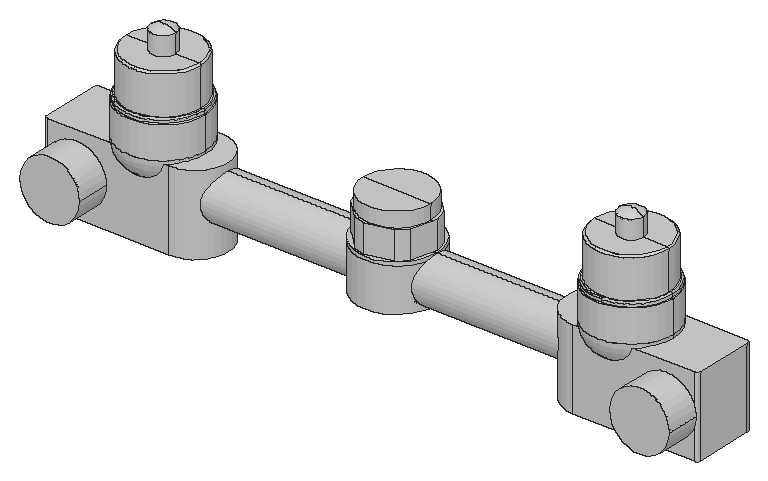
Revit family "Faucet-Valves_and_Controls-KOHLER-K-28139T_1", category Plumbing Fixtures, host Face, Revit 2017
Family settings
  Host = Face
  Round Connector Dimension = Use Diameter
  Part Type = Normal
  OmniClass Number = 23.27.31.00
  OmniClass Title = Valves
  Cut with Voids When Loaded = No
  Shared = No
  Room Calculation Point = No
Parameters (values of type "NA-Stainless Steel Wire Drawing")
  Width = 11"  # constant formula
  WaterSense Certified = 1 = 0  # no
  Waste Water Outlet = "Waste Water Outlet"  # constant formula
  Waste Connection = 1 = 0  # no
  Vent Connection = 1 = 0  # no
  URL = "http://www.kohler.com.cn/en/"
  Product Page URL = "http://www.kohler.com.cn/product/K-28139T-NA/K-28139T-NA/"
  Product Name = ""
  Product Documentation Link = "http://files.kohler.com.cn/pdfs/1535615820633_1299768-2_A1(28139T%2024896T).pdf"
  Pressure = 116.03 psi  # constant formula
  Model = "K-28139T-NA"  # constant formula
  Material = "Premium Metal Construction"  # constant formula
  MasterFormat 2004 = "22.41.39"  # constant formula
  MasterFormat 1995 = "154300"  # constant formula
  Manufacturer Address = "158 Jiangchang 3rd Road Zhabei District Shanghai, 200436 China"  # constant formula
  Manufacturer = "KOHLER Co."  # constant formula
  Length = 3 1/16"  # constant formula
  Hot Water Inlet = "Hot Water Inlet"  # constant formula
  Height = 2 1/16"  # constant formula
  HW Connection = 1 = 1  # yes
  Flow Rate = 0 GPM
  Finish = Kohler-Metal-NA-Stainless_Steel_Wire_Drawing
  Environmental Product Declaration = ""
  Drain Included = 1 = 0  # no
  Description = "Double-handle wall lavatory faucet spool stem handle spool"  # constant formula
  Default Elevation = 36"
  Declare Label = ""
  Date Modified = "05/26/2020"  # constant formula
  Date Created = "05/26/2020"  # constant formula
  Copyright = "Copyright KOHLER Co."  # constant formula
  Contact Us = "http://www.kohler.com.cn/en/contact/contact-us/"
  Cold Water Inlet = "Cold Water Inlet"  # constant formula
  CW Connection = 1 = 1  # yes
  Assembly Code = "D2020"
  ADA Compliant = 1 = 0  # no
Reference planes (in)
  plane 1 "Center (Front/Back)": y = 0
  plane 2: z = 0
  plane 3 "Center (Left/Right)": x = 0
  plane 4: y = 0.98425
  plane 5: y = -1.07825
  plane 6: z = 0.37276
  plane 7: z = -2.68974
  plane 8: x = -5.5
  plane 9: x = 5.5
  plane 10: x = 3.93701
  plane 11: x = -3.93701
  plane 12: z = -0.01258
  plane 13: z = -2.01594
  plane 14: y = -1.07825
  plane 15: x = -4.96063
  plane 16: x = 4.96063
Forms (in)
  Extrusion 1, void
    sketch origin (0, 0, 0) x (1, 0, 0) y (0, 1, 0)
      loop
        circle (3.93701, 0) r 0.75
      loop
        circle (-3.93701, 0) r 0.75
    from -1.35116 to -0.01258
  Extrusion 2, void
    sketch origin (0, 0, 0) x (1, 0, 0) y (0, 0, 1)
      loop
        line (5.5, -1.09549) -> (-5.5, -1.09549) -> (-5.5, -2.68974) -> (5.5, -2.68974) -> (5.5, -1.09549)
    from -0.95798 to 1.2582
  Extrusion 3, void
    sketch origin (0, 0, 0) x (1, 0, 0) y (0, 1, 0)
      loop
        circle (0, 0) r 0.57105
    from -1.35116 to -0.76061
Dimensions and locks (in)
  "Width": plane 8 to plane 9
  plane 11 to plane 10 = 7.87402"
  "Length": plane 6 to plane 7
  "Height": plane 4 to plane 14
  aligned and locked: plane 2 to host face
  aligned and locked: level to host face
Automatic sketch dimensions
  host sketch curve to host sketch curve = 96"  (x2)
  plane 8 to Extrusion 2 sketch curve = 0"
  Extrusion 2 sketch curve to plane 7 = 0"
  Extrusion 2 sketch curve to plane 9 = 0"
  plane 13 to Extrusion 2 sketch curve = 0.92044"
Nested families (in)
  nested 1: "K-28139T" at (0, 0, 0), type "K-28139T"
Connectors (in)
  piping at (-4.96063, -1.10236, -2.01594), diameter 0.5, driven by "HW Connection", driven by "Hot Water Inlet", driven by "Pressure", driven by "Flow Rate"
    settings: on nested 1, index 1, connector inside diameter 24", connector length 0", flow factor 0, pipe flow 0 GPM, pressure drop 116.03 psi, fitting loss kfactor 0, connector angle 0.00°, fixture units 0, engagement length 0", angle of deflection 0.00°, flow configuration 0, flow direction 1, fitting loss method 4, system type 19, joint type 0, gender type 0, connector reference index -1, connector utility 1, adjustable connector no, is connector primary yes, connector description "Hot Water Inlet"
  piping at (4.96063, -1.10236, -2.01594), diameter 0.5, driven by "CW Connection", driven by "Cold Water Inlet", driven by "Pressure"
    settings: on nested 1, index 2, connector inside diameter 24", connector length 0", flow factor 0, pipe flow 0 GPM, pressure drop 116.03 psi, fitting loss kfactor 0, connector angle 0.00°, fixture units 0, engagement length 0", angle of deflection 0.00°, flow configuration 0, flow direction 1, fitting loss method 4, system type 20, joint type 0, gender type 0, connector reference index -1, connector utility 1, adjustable connector no, is connector primary no, connector description "Cold Water Inlet"
Definition of nested family "K-28139T"
  Parameters (values of type "K-28139T")
    Material = none
  Reference planes (in)
    plane 1 "Center (Front/Back)": y = 0
    plane 2: z = 0
    plane 3 "Center (Left/Right)": x = 0
    plane 4: x = -5.5
    plane 5: x = 5.5
    plane 6: x = -3.93701
    plane 7: x = 3.93701
    plane 8: z = -2.68974
    plane 9: z = 0.37276
    plane 10: z = -0.01258
    plane 11: z = -0.01258
    plane 12: z = 0.23742
    plane 13: x = -4.96063
    plane 14: x = 4.96063
  Forms (in)
    Extrusion 1, solid, material <- "Material", detail levels medium+fine
      sketch origin (0, 0, 0) x (1, 0, 0) y (0, 1, 0)
        loop
          line (-5.5, 0.48286) -> (-5.5, -0.4936)
          arc (-5.5, -0.4936) -> (-5.48314, -0.53432) -> (-5.44242, -0.55118) r 0.05758
          line (-5.44242, -0.55118) -> (-3.39892, -0.55118)
          arc (-3.39892, -0.55118) -> (-2.84774, 0) -> (-3.39892, 0.55118) r 0.55118
          line (-3.39892, 0.55118) -> (-5.43168, 0.55118)
          arc (-5.43168, 0.55118) -> (-5.47999, 0.53117) -> (-5.5, 0.48286) r 0.06832
        loop
          arc (5.5, 0.48286) -> (5.47999, 0.53117) -> (5.43168, 0.55118) r 0.06832
          line (5.43168, 0.55118) -> (3.39892, 0.55118)
          arc (3.39892, 0.55118) -> (2.84774, 0) -> (3.39892, -0.55118) r 0.55118
          line (3.39892, -0.55118) -> (5.44242, -0.55118)
          arc (5.44242, -0.55118) -> (5.48314, -0.53432) -> (5.5, -0.4936) r 0.05758
          line (5.5, -0.4936) -> (5.5, 0.48286)
      from -2.68974 to -1.35116
    Revolve 2, solid, material <- "Material", detail levels medium+fine
      sketch origin (0, 0, 0) x (1, 0, 0) y (0, 0, 1)
        loop
          arc (-3.93701, 0.37276) -> (-4.04692, 0.35211) -> (-4.14184, 0.29297) r 0.30282
          line (-4.14184, 0.29297) -> (-4.14184, -0.01258) -> (-4.54331, -0.01258) -> (-4.57247, -0.04174) -> (-4.57247, -0.68187) -> (-4.60717, -0.68187)
          arc (-4.60717, -0.68187) -> (-4.62182, -0.68794) -> (-4.62789, -0.70259) r 0.02072
          line (-4.62789, -0.70259) -> (-4.62789, -0.74787) -> (-4.59288, -0.76061) -> (-4.64567, -0.76061) -> (-4.64567, -1.3035)
          arc (-4.64567, -1.3035) -> (-4.60761, -1.49484) -> (-4.49922, -1.65706) r 0.5
          line (-4.49922, -1.65706) -> (-4.31833, -1.83795) -> (-3.93701, -1.83795) -> (-3.93701, 0.37276)
        axis (-3.93701, 0.37276) -> (-3.93701, -1.83795)
      angle from 0 to 360
    Revolve 3, solid, material <- "Material", detail levels medium+fine
      sketch origin (0, 0, 0) x (1, 0, 0) y (0, 0, 1)
        loop
          line (3.38583, -1.86297) -> (3.38583, -1.46818) -> (-3.38583, -1.46818) -> (-3.38583, -1.86297) -> (3.38583, -1.86297)
        axis (-3.38583, -1.86297) -> (3.38583, -1.86297)
      angle from 0 to 360
    Extrusion 4, solid, material <- "Material", detail levels medium+fine
      sketch origin (0, 0, 0) x (1, 0, 0) y (0, 0, 1)
        loop
          circle (4.96063, -2.01594) r 0.5
        loop
          circle (-4.96063, -2.01594) r 0.5
      from 0 to 1.10236
    Extrusion 5, solid, material <- "Material", detail levels medium+fine
      sketch origin (0, 0, 0) x (1, 0, 0) y (0, 1, 0)
        loop
          line (-3.82061, 0.98425) -> (-4.04033, 0.98425)
          arc (-4.04033, 0.98425) -> (-4.10647, 0.95686) -> (-4.13386, 0.89073) r 0.09352
          line (-4.13386, 0.89073) -> (-4.13386, 0.40196) -> (-3.74016, 0.40196) -> (-3.74016, 0.9038)
          arc (-3.74016, 0.9038) -> (-3.76372, 0.96069) -> (-3.82061, 0.98425) r 0.08045
      from -2.68974 to -2.45352
    Extrusion 6, solid, material <- "Material", detail levels medium+fine
      sketch origin (0, 0, 0) x (-1, 0, 0) y (0, -1, 0)
        loop
          arc (-3.82061, -0.98425) -> (-3.76372, -0.96069) -> (-3.74016, -0.9038) r 0.08045
          line (-3.74016, -0.9038) -> (-3.74016, -0.40196) -> (-4.13386, -0.40196) -> (-4.13386, -0.89073)
          arc (-4.13386, -0.89073) -> (-4.10647, -0.95686) -> (-4.04033, -0.98425) r 0.09352
          line (-4.04033, -0.98425) -> (-3.82061, -0.98425)
      from -2.68974 to -2.45352
    Revolve 7, solid, material <- "Material", detail levels medium+fine
      sketch origin (0, 0, 0) x (1, 0, 0) y (0, 0, 1)
        loop
          line (0, -0.76061) -> (-0.57105, -0.76061) -> (-0.57105, -1.00566) -> (-0.6717, -1.00566) -> (-0.6717, -1.52342) -> (-0.6717, -2.25667) -> (0, -2.25667) -> (0, -0.76061)
        axis (0, -0.76061) -> (0, -2.25667)
      angle from 0 to 360
    Extrusion 8, void
      sketch origin (0, 0, 0) x (1, 0, 0) y (0, 1, 0)
        loop
          arc (-0.36458, 0.51369) -> (-0.44569, 0.44569) -> (-0.51369, 0.36458) r 0.60478
          line (-0.51369, 0.36458) -> (-0.62716, -0.05889)
          arc (-0.62716, -0.05889) -> (-0.60807, -0.16293) -> (-0.57258, -0.26258) r 0.65927
          line (-0.57258, -0.26258) -> (-0.26258, -0.57258)
          arc (-0.26258, -0.57258) -> (-0.16294, -0.60812) -> (-0.05889, -0.62716) r 0.65565
          line (-0.05889, -0.62716) -> (0.36458, -0.51369)
          arc (0.36458, -0.51369) -> (0.44555, -0.44555) -> (0.51369, -0.36458) r 0.61729
          line (0.51369, -0.36458) -> (0.62716, 0.05889)
          arc (0.62716, 0.05889) -> (0.60911, 0.16321) -> (0.57258, 0.26258) r 0.58615
          line (0.57258, 0.26258) -> (0.26258, 0.57258)
          arc (0.26258, 0.57258) -> (0.16331, 0.60948) -> (0.05889, 0.62716) r 0.56389
          line (0.05889, 0.62716) -> (-0.36458, 0.51369)
        loop
          circle (0, 0) r 1.06625
      from -0.9688 to -1.46927
    Revolve 9, solid, material <- "Material", detail levels medium+fine
      sketch origin (0, 0, 0) x (-1, 0, 0) y (0, 0, -1)
        loop
          line (-3.93701, -0.37276) -> (-3.93701, 1.83795) -> (-4.31833, 1.83795) -> (-4.49922, 1.65706)
          arc (-4.49922, 1.65706) -> (-4.60761, 1.49484) -> (-4.64567, 1.3035) r 0.5
          line (-4.64567, 1.3035) -> (-4.64567, 0.76061) -> (-4.59288, 0.76061) -> (-4.62789, 0.74787) -> (-4.62789, 0.70259)
          arc (-4.62789, 0.70259) -> (-4.62182, 0.68794) -> (-4.60717, 0.68187) r 0.02072
          line (-4.60717, 0.68187) -> (-4.57247, 0.68187) -> (-4.57247, 0.04174) -> (-4.54331, 0.01258) -> (-4.14184, 0.01258) -> (-4.14184, -0.29297)
          arc (-4.14184, -0.29297) -> (-4.04692, -0.35211) -> (-3.93701, -0.37276) r 0.30282
        axis (-3.93701, -0.37276) -> (-3.93701, 1.83795)
      angle from 0 to 360
    Extrusion 10, solid, material <- "Material", detail levels coarse
      sketch origin (0, 0, 0) x (1, 0, 0) y (0, 1, 0)
        loop
          line (-5.5, 0.55118) -> (-5.5, -0.55118) -> (-2.86918, -0.55118) -> (-2.86918, 0.55118) -> (-5.5, 0.55118)
        loop
          line (5.5, 0.55118) -> (2.86918, 0.55118) -> (2.86918, -0.55118) -> (5.5, -0.55118) -> (5.5, 0.55118)
      from -2.68974 to -1.24327
    Revolve 11, solid, material <- "Material", detail levels coarse
      sketch origin (0, 0, 0) x (1, 0, 0) y (0, 0, 1)
        loop
          line (-3.03804, -1.85829) -> (3.24613, -1.85829) -> (3.24613, -1.35116) -> (-3.03804, -1.35116) -> (-3.03804, -1.85829)
        axis (-3.03804, -1.85829) -> (3.24613, -1.85829)
      angle from 0 to 360
    Revolve 12, solid, material <- "Material", detail levels coarse
      sketch origin (0, 0, 0) x (1, 0, 0) y (0, 0, 1)
        loop
          line (-3.93701, 0.37276) -> (-4.14184, 0.37276) -> (-4.14184, -0.01258) -> (-4.68701, -0.01258) -> (-4.68701, -1.24327) -> (-3.93701, -1.24327) -> (-3.93701, 0.37276)
        axis (-3.93701, -1.24327) -> (-3.93701, 0.37276)
      angle from 0 to 360
    Revolve 13, solid, material <- "Material", detail levels coarse
      sketch origin (0, 0, 0) x (-1, 0, 0) y (0, 0, 1)
        loop
          line (-3.93701, 0.37276) -> (-4.14184, 0.37276) -> (-4.14184, -0.01258) -> (-4.68701, -0.01258) -> (-4.68701, -1.24327) -> (-3.93701, -1.24327) -> (-3.93701, 0.37276)
        axis (-3.93701, -1.24327) -> (-3.93701, 0.37276)
      angle from 0 to 360
    Extrusion 14, solid, material <- "Material", detail levels coarse
      sketch origin (0, 0, 0) x (1, 0, 0) y (0, 1, 0)
        loop
          circle (0, 0) r 0.57105
      from -2.32529 to -0.76061
    Extrusion 15, solid, material <- "Material", detail levels coarse
      sketch origin (0, 0, 0) x (1, 0, 0) y (0, 0, 1)
        loop
          circle (-4.96063, -2.01594) r 0.5
        loop
          circle (4.96063, -2.01594) r 0.5
      from 0 to 1.10236
  Cuts and joins
    Extrusion 8 cuts Revolve 7
    joined: Extrusion 1, Revolve 2, Revolve 3, Extrusion 4, Extrusion 5, Revolve 9
  Lines and regions (in)
    Masking region 1, detail levels medium+fine
      outline origin (0, 0, 0) x (1, 0, 0) y (0, 0, 1)
        loop
          line (-4.54331, -0.01258) -> (-4.57247, -0.04174) -> (-4.57247, -0.68215) -> (-4.60752, -0.68215)
          arc (-4.60752, -0.68215) -> (-4.62192, -0.68812) -> (-4.62789, -0.70252) r 0.02037
          line (-4.62789, -0.70252) -> (-4.62789, -0.74787) -> (-4.59288, -0.76061) -> (-4.64567, -0.76061) -> (-4.64567, -1.35116) -> (-5.5, -1.35116) -> (-5.5, -2.68974) -> (-2.84774, -2.68974) -> (-2.84774, -2.25776) -> (2.84774, -2.25776) -> (2.84774, -2.68974) -> (5.5, -2.68974) -> (5.5, -1.35116) -> (4.64567, -1.35116) -> (4.64567, -0.76061) -> (4.59288, -0.76061) -> (4.62789, -0.74787) -> (4.62789, -0.70252)
          arc (4.62789, -0.70252) -> (4.62192, -0.68812) -> (4.60752, -0.68215) r 0.02037
          line (4.60752, -0.68215) -> (4.57247, -0.68215) -> (4.57247, -0.04174) -> (4.54331, -0.01258) -> (4.14184, -0.01258) -> (4.14184, 0.29297)
          arc (4.14184, 0.29297) -> (3.93701, 0.37276) -> (3.73217, 0.29297) r 0.30282
          line (3.73217, 0.29297) -> (3.73217, -0.01258) -> (3.33071, -0.01258) -> (3.30155, -0.04174) -> (3.30155, -0.68215) -> (3.2665, -0.68215)
          arc (3.2665, -0.68215) -> (3.25209, -0.68812) -> (3.24613, -0.70252) r 0.02037
          line (3.24613, -0.70252) -> (3.24613, -0.74787) -> (3.28113, -0.76061) -> (3.22835, -0.76061) -> (3.22835, -1.35116) -> (2.84774, -1.35116) -> (2.84774, -1.46818) -> (0.62716, -1.46818) -> (0.62716, -1.00566) -> (0.57105, -1.00566) -> (0.57105, -0.76061) -> (-0.57105, -0.76061) -> (-0.57105, -1.00566) -> (-0.62716, -1.00566) -> (-0.62716, -1.46818) -> (-2.84774, -1.46818) -> (-2.84774, -1.35116) -> (-3.22835, -1.35116) -> (-3.22835, -0.76061) -> (-3.28113, -0.76061) -> (-3.24613, -0.74787) -> (-3.24613, -0.70252)
          arc (-3.24613, -0.70252) -> (-3.25209, -0.68812) -> (-3.2665, -0.68215) r 0.02037
          line (-3.2665, -0.68215) -> (-3.30155, -0.68215) -> (-3.30155, -0.04174) -> (-3.33071, -0.01258) -> (-3.73217, -0.01258) -> (-3.73217, 0.29297)
          arc (-3.73217, 0.29297) -> (-3.93701, 0.37276) -> (-4.14184, 0.29297) r 0.30282
          line (-4.14184, 0.29297) -> (-4.14184, -0.01258) -> (-4.54331, -0.01258)
    Masking region 2
      outline origin (0, 0, 0) x (0, 1, 0) y (0, 0, 1)
        loop
          line (0.20484, -0.01258) -> (0.20484, 0.29297)
          arc (0.20484, 0.29297) -> (0, 0.37276) -> (-0.20484, 0.29297) r 0.30282
          line (-0.20484, 0.29297) -> (-0.20484, -0.01258) -> (-0.6063, -0.01258) -> (-0.63546, -0.04174) -> (-0.63546, -0.68187) -> (-0.66889, -0.68187)
          arc (-0.66889, -0.68187) -> (-0.68444, -0.68831) -> (-0.69088, -0.70386) r 0.02199
          line (-0.69088, -0.70386) -> (-0.69088, -0.74787) -> (-0.65588, -0.76061) -> (-0.70866, -0.76061) -> (-0.70866, -1.35847)
          arc (-0.70866, -1.35847) -> (-0.70253, -1.41518) -> (-0.6844, -1.46927) r 0.26514
          line (-0.6844, -1.46927) -> (-1.10236, -1.46927) -> (-1.10236, -2.5626) -> (-0.55118, -2.5626) -> (-0.55118, -2.68974) -> (0.98425, -2.68974) -> (0.98425, -2.45352) -> (0.55118, -2.45352) -> (0.55118, -2.25667) -> (0.6717, -2.25667) -> (0.6717, -1.4935)
          arc (0.6717, -1.4935) -> (0.69925, -1.42847) -> (0.70866, -1.35847) r 0.26514
          line (0.70866, -1.35847) -> (0.70866, -0.76061) -> (0.65588, -0.76061) -> (0.69088, -0.74787) -> (0.69088, -0.70386)
          arc (0.69088, -0.70386) -> (0.68444, -0.68831) -> (0.66889, -0.68187) r 0.02199
          line (0.66889, -0.68187) -> (0.63546, -0.68187) -> (0.63546, -0.04174) -> (0.6063, -0.01258) -> (0.20484, -0.01258)
    Masking region 3
      outline origin (0, 0, 0) x (1, 0, 0) y (0, 1, 0)
        loop
          circle (-3.93701, 0) r 0.20066
        loop
          circle (3.93701, 0) r 0.20066
    symbolic lines, detail levels medium+fine
      curve 1: line (-4.14184, 0, -0.01258) -> (-3.73217, 0, -0.01258)
      curve 2: line (-3.30155, 0, -0.04174) -> (-4.57247, 0, -0.04174)
      curve 3: line (-4.57247, 0, -0.68215) -> (-3.30155, 0, -0.68215)
      curve 4: line (-4.62789, 0, -0.74787) -> (-3.24613, 0, -0.74787)
      curve 5: line (-4.59288, 0, -0.76061) -> (-3.27726, 0, -0.76061)
      curve 6: line (4.14184, 0, -0.01258) -> (3.73217, 0, -0.01258)
      curve 7: line (3.30155, 0, -0.04174) -> (4.57247, 0, -0.04174)
      curve 8: line (4.57247, 0, -0.68215) -> (3.30155, 0, -0.68215)
      curve 9: line (4.62789, 0, -0.74787) -> (3.24613, 0, -0.74787)
      curve 10: line (4.59288, 0, -0.76061) -> (3.27726, 0, -0.76061)
      curve 11: arc (-4.06732, 0, -1.65278) -> (-4.26958, 0, -1.5496) -> (-4.37992, 0, -1.35116) r 0.38946
      curve 12: arc (-3.80669, 0, -1.65278) -> (-3.93701, 0, -1.66809) -> (-4.06732, 0, -1.65278) r 0.56221
      curve 13: arc (-3.4941, 0, -1.35116) -> (-3.60444, 0, -1.5496) -> (-3.80669, 0, -1.65278) r 0.38946
      curve 14: line (-2.84774, 0, -1.46818) -> (-2.84774, 0, -2.25776)
      curve 15: arc (3.80669, 0, -1.65278) -> (3.60444, 0, -1.5496) -> (3.4941, 0, -1.35116) r 0.38946
      curve 16: arc (4.37992, 0, -1.35116) -> (4.26958, 0, -1.5496) -> (4.06732, 0, -1.65278) r 0.38946
      curve 17: arc (4.06732, 0, -1.65278) -> (3.93701, 0, -1.66809) -> (3.80669, 0, -1.65278) r 0.56221
      curve 18: line (4.64339, 0, -1.35116) -> (4.37992, 0, -1.35116)
      curve 19: line (3.23062, 0, -1.35116) -> (3.4941, 0, -1.35116)
      curve 20: line (-4.64339, 0, -1.35116) -> (-4.37992, 0, -1.35116)
      curve 21: line (-3.23062, 0, -1.35116) -> (-3.4941, 0, -1.35116)
      curve 22: line (-0.57258, 0, -1.00566) -> (0.57105, 0, -1.00566)
      curve 23: line (-0.05889, 0, -1.06733) -> (-0.05889, 0, -1.46818)
      curve 24: line (-0.26258, 0, -1.06733) -> (-0.26258, 0, -1.46818)
      curve 25: line (-0.57258, 0, -1.06733) -> (-0.57258, 0, -1.46818)
      curve 26: line (0.36458, 0, -1.06733) -> (0.36458, 0, -1.46818)
      curve 27: line (0.51369, 0, -1.06544) -> (0.51369, 0, -1.46818)
      curve 28: arc (-0.57258, 0, -1.06733) -> (-0.41758, 0, -1.01106) -> (-0.26258, 0, -1.06733) r 0.24161
      curve 29: arc (-0.05889, 0, -1.06733) -> (0.15285, 0, -1.00558) -> (0.36458, 0, -1.06733) r 0.39386
      curve 30: line (-0.62716, 0, -1.46818) -> (0.62716, 0, -1.46818)
      curve 31: arc (0.62716, 0, -1.06544) -> (0.57043, 0, -1.00871) -> (0.51369, 0, -1.06544) r 0.05673
      curve 32: arc (-0.62716, 0, -1.46818) -> (-0.77342, 0, -1.86243) -> (-0.62716, 0, -2.25667) r 0.6045
      curve 33: arc (0.62716, 0, -1.46818) -> (0.77342, 0, -1.86243) -> (0.62716, 0, -2.25667) r 0.6045
      curve 34: arc (4.40615, 0, -2.01594) -> (4.95282, 0, -1.46927) -> (5.49948, 0, -2.01594) r 0.54666
      curve 35: arc (5.49948, 0, -2.01594) -> (4.95282, 0, -2.5626) -> (4.40615, 0, -2.01594) r 0.54666
      curve 36: line (0, 0.55118, -1.35116) -> (0, -0.55118, -1.35116)
      curve 37: line (0, 0.55118, -1.35116) -> (0, 0.55118, -2.68974)
      curve 38: line (0, 0.65588, -0.76061) -> (0, -0.65588, -0.76061)
      curve 39: line (0, -0.69088, -0.74787) -> (0, 0.69088, -0.74787)
      curve 40: line (0, 0.63546, -0.68187) -> (0, -0.63546, -0.68187)
      curve 41: line (0, 0.63546, -0.04174) -> (0, -0.63546, -0.04174)
      curve 42: line (0, 0.20484, -0.01258) -> (0, -0.20484, -0.01258)
      curve 43: arc (0, 0.6717, -1.4935) -> (0, 0.61905, -1.58088) -> (0, 0.55118, -1.65706) r 0.55093
      curve 44: line (0, -0.55118, -1.35116) -> (0, -0.55118, -2.27424)
      curve 45: line (0, -0.55118, -2.5626) -> (0, -0.55118, -2.27424)
      curve 46: arc (0, -0.6844, -1.46927) -> (0, -0.62968, -1.57159) -> (0, -0.55118, -1.65706) r 0.462
      curve 47: line (2.84774, 0, -1.46818) -> (2.84774, 0, -2.25776)
      curve 56: arc (-4.40615, 0, -2.01594) -> (-4.95282, 0, -1.46927) -> (-5.49948, 0, -2.01594) r 0.54666
      curve 57: arc (-5.49948, 0, -2.01594) -> (-4.95282, 0, -2.5626) -> (-4.40615, 0, -2.01594) r 0.54666
      curve 58: line (4.13386, 0, -2.68974) -> (4.13386, 0, -2.45352)
      curve 59: line (4.13386, 0, -2.45352) -> (3.74016, 0, -2.45352)
      curve 60: line (3.74016, 0, -2.45352) -> (3.74016, 0, -2.68974)
      curve 61: line (-3.74016, 0, -2.68974) -> (-3.74016, 0, -2.45352)
      curve 62: line (-3.74016, 0, -2.45352) -> (-4.13386, 0, -2.45352)
      curve 63: line (-4.13386, 0, -2.45352) -> (-4.13386, 0, -2.68974)
      curve 64: line (0, -0.6717, -2.25667) -> (0, -0.55118, -2.25667)
      curve 65: line (0, -0.6717, -2.25667) -> (0, -0.6717, -1.49927)
    symbolic lines, detail levels coarse
      curve 48: line (-0.79287, 0, -0.87367) -> (-0.79287, 0, -1.46818)
      curve 49: line (0.79287, 0, -0.87367) -> (0.79287, 0, -1.46818)
      curve 50: line (-0.79287, 0, -0.87367) -> (0.79287, 0, -1.46818)
      curve 51: line (0.79287, 0, -0.87367) -> (-0.79287, 0, -1.46818)
      curve 52: line (0, 0, -1.17092) -> (0, 0, -1.72275)
      curve 53: line (0, 0, -1.72275) -> (-0.29538, 0, -1.72275)
      curve 54: line (0, 0, -1.72275) -> (0.29538, 0, -1.72275)
      curve 55: arc (-0.29538, 0, -1.72275) -> (0, 0, -1.91653) -> (0.29538, 0, -1.72275) r 0.32202
  Dimensions and locks (in)
    plane 3 "Center (Left/Right)" to plane 4 = 5 1/2"
    plane 3 "Center (Left/Right)" to plane 6 = 3.93701"
    plane 9 to plane 8 = 3 1/16"
    plane 10 to plane 8 = 2.67717"
    aligned and locked: plane 2 to level
